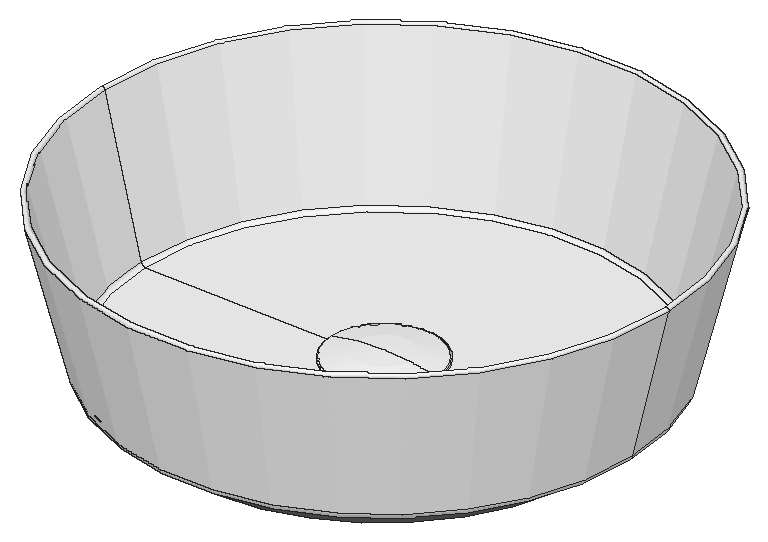
Revit family "Reece_Basin_Alape_Scopio_Above Counter Basin_375 mm", category Plumbing Fixtures, host Face, Revit 2018
Family settings
  Host = Face
  Round Connector Dimension = Use Diameter
  Part Type = Normal
  Cut with Voids When Loaded = No
  Shared = Yes
  Room Calculation Point = Yes
Parameters
  WFU = 0  # constant formula
  URL = "https://www.reece.com.au/product/-9508136"
  Type Comments = "Basin"
  Reece_Product_Web Page = "https://www.reece.com.au/product/-9508136"
  Reece_Product_Type = "Basin"  # constant formula
  Reece_Product_Sub Brand = "Scopio"  # constant formula
  Reece_Product_Number = "9508136"
  Reece_Product_Mount = "Above Counter Basin"
  Reece_Product_Description = "Alape Scopio Counter Basin 375mm White"
  Reece_Product_Brand = "Alape"  # constant formula
  Reece_Overall_Width = 375 mm  # constant formula
  Reece_Overall_Length = 375 mm  # constant formula
  Reece_Overall_Height = 115 mm  # constant formula
  Reece_Overall_Capacity = 8.70 L  # constant formula
  Reece_Material_Secondary = Reece_Plastic_Black
  Reece_Material-Main = Reece_Metal_Steel Enamelled_White
  Reece_Detail_Installation = "Above Counter"  # constant formula
  Reece_Detail_Disclaimer = "THIS FILE IS THE PROPERTY OF THE REECE GROUP. IT MAY NOT BE REPRODUCED, REVERSE-ENGINEERED OR MODIFIED. ANY REPUBLICATION, TRANSMISSION OR DISTRIBUTION FOR THE PURPOSE OF COMMERCIALLY EXPLOITING THE FILES IS PROHIBITED."  # constant formula
  Reece_Detail_Connector = "No Taphole"  # constant formula
  Reece_Detail_Additional = "No Overflow"  # constant formula
  Reece_Basin_Outlet = 32 mm  # constant formula
  Model = "Scopio"
  Manufacturer = "Alape"
  Keynote = "Product #9508136, Reece_Basin_Alape_Scopio_Above Counter Basin_375 mm -  "
  HWFU = 0  # constant formula
  Disclaimer = "THIS FILE IS THE PROPERTY OF THE REECE GROUP. IT MAY NOT BE REPRODUCED, REVERSE-ENGINEERED OR MODIFIED. ANY REPUBLICATION, TRANSMISSION OR DISTRIBUTION FOR THE PURPOSE OF COMMERCIALLY EXPLOITING THE FILES IS PROHIBITED."  # constant formula
  Description = "Alape Scopio Counter Basin 375mm White"
  Default Elevation = 1000 mm
  CWFU = 0  # constant formula
Types (3, lengths in mm): name | URL | Reece_Product_Web Page | Reece_Product_Number | Reece_Product_Description | Reece_Material-Main | Keynote | Description
  (no name) | "https://www.reece.com.au/product/-9508136" | "https://www.reece.com.au/product/-9508136" | "9508136" | "Alape Scopio Counter Basin 375mm White" | Reece_Metal_Steel Enamelled_White | "Product #9508136, Reece_Basin_Alape_Scopio_Above Counter Basin_375 mm -  " | "Alape Scopio Counter Basin 375mm White"
  8.7 L_Enamelled Glazed Steel Matte Black | "https://www.reece.com.au/product/-1806076" | "https://www.reece.com.au/product/-1806076" | "1806076" | "Alape Scopio Counter Basin 375mm Matte Black" | Reece_Metal_Steel Enamelled_Matte Black | "Product #1806076, Reece_Basin_Alape_Scopio_Above Counter Basin_375 mm - 8.7 L_Enamelled Glazed Steel Matte Black" | "Alape Scopio Counter Basin 375mm Matte Black"
  8.7 L_Enamelled Glazed Steel White | "https://www.reece.com.au/product/-9508136" | "https://www.reece.com.au/product/-9508136" | "9508136" | "Alape Scopio Counter Basin 375mm White" | Reece_Metal_Steel Enamelled_White | "Product #9508136, Reece_Basin_Alape_Scopio_Above Counter Basin_375 mm - 8.7 L_Enamelled Glazed Steel White" | "Alape Scopio Counter Basin 375mm White"
Reference planes
  plane 1 "Center (Front/Back)": y = -79.125
  plane 2 "Bottom": z = 0
  plane 3 "Center (Left/Right)": x = 0
  plane 4: z = 115
  plane 5: y = 108.375
  plane 6: y = -266.625
  plane 7: x = -187.5
  plane 8: x = 187.5
  plane 9: z = 15
  plane 10: x = -184.5
  plane 11: x = 184.5
Forms (mm)
  Revolve 1, solid, material "Reece_Plastic_Black" <- "Reece_Material_Secondary"
    sketch origin (0, -79.125, 0) x (1, 0, 0) y (0, 0, 1)
      loop
        line (-137.5, 0) -> (-33, 0) -> (-33, 15) -> (-137.5, 15) -> (-137.5, 0)
      axis (0, 15) -> (0, 0)
    angle from 0 to 360
  Extrusion 2, void
    sketch origin (0, 0, 0) x (1, 0, 0) y (0, 1, 0)
      loop
        circle (0, -79.125) r 22.5
    from -57.378 to 33.548
  Revolve 3, solid, material "Reece_Metal_Steel Enamelled_White" <- "Reece_Material-Main"
    sketch origin (0, -79.125, 25.128) x (1, 0, 0) y (0, 0, 1)
      loop
        line (0, -37.152) -> (0, -0.315)
        arc (0, -0.315) -> (-17.262, -1.109) -> (-34.312, -3.915) r 147.631
        arc (-34.312, -3.915) -> (-34.807, -4.224) -> (-35, -4.775) r 0.881
        line (-35, -4.775) -> (-35, -5.581) -> (-20, -5.581) -> (-20, -37.152) -> (0, -37.152)
      axis (0, -37.152) -> (0, -0.315)
    angle from 0 to 360
  Extrusion 4, void
    sketch origin (0, 0, 0) x (1, 0, 0) y (0, 1, 0)
      loop
        circle (0, -79.125) r 22.5
    from -217 to 28.7
  Revolve 5, solid, material "Reece_Metal_Steel Enamelled_White" <- "Reece_Material-Main"
    sketch origin (0, -79.125, 0) x (1, 0, 0) y (0, 0, 1)
      loop
        line (-33, 18.1) -> (-157.687, 18.1)
        arc (-157.687, 18.1) -> (-159.466, 18.709) -> (-160.5, 20.28) r 2.9
        line (-160.5, 20.28) -> (-184.452, 113.836)
        arc (-184.452, 113.836) -> (-186.336, 114.952) -> (-187.452, 113.068) r 1.548
        line (-187.452, 113.068) -> (-163.5, 19.512)
        arc (-163.5, 19.512) -> (-161.367, 16.26) -> (-157.687, 15) r 6
        line (-157.687, 15) -> (-33, 15) -> (-33, 18.1)
      axis (0, 113.836) -> (0, 15)
    angle from 0 to 360
Text (mm)
  text "Reece Copyright © 2018, Reece Ltd." at (-902.343, -740.328, 0), in view "Ref. Level"
  text "Reece ©" at (44.384, 258.95, 192.345), in view "Reece Preview"
Dimensions and locks
  equal spacing: plane 6, plane 1 "Center (Front/Back)", plane 5
  equal spacing: plane 7, plane 3 "Center (Left/Right)", plane 8
  "Reece_Overall_Length": plane 7 to plane 8
  "Reece_Overall_Width": plane 5 to plane 6
  "Reece_Overall_Height": plane 4 to plane 2 "Bottom"
  plane 9 to plane 4 = 100 mm
  host face to plane 9 = 15 mm
  plane 10 to plane 11 = 369 mm
  plane 4 to plane 9 to plane 2 "Bottom" = 100 mm, 15 mm
  plane 8 to plane 7 = 375 mm
  aligned and locked: host face to plane 2 "Bottom"
  aligned and locked: level to host face
Automatic sketch dimensions
  host sketch curve to host sketch curve = 801.051 mm
  host sketch curve to host sketch curve = 720.033 mm
  Revolve 1 sketch curve to level = 0 mm  (x2)
  Revolve 1 sketch curve to plane 3 "Center (Left/Right)" = 0 mm
  Revolve 1 sketch curve to plane 3 "Center (Left/Right)" = 33 mm
  plane 1 "Center (Front/Back)" to Extrusion 2 sketch curve = 0 mm
  Extrusion 2 sketch curve to plane 3 "Center (Left/Right)" = 0 mm
  Revolve 3 sketch curve to plane 3 "Center (Left/Right)" = 0 mm  (x2)
  Revolve 3 sketch curve to plane 3 "Center (Left/Right)" = 1.858 mm
  Revolve 3 sketch curve to plane 3 "Center (Left/Right)" = 20 mm
  Revolve 3 sketch curve to Revolve 3 sketch curve = 14.119 mm
  Revolve 3 sketch curve to Revolve 3 sketch curve = 0.881 mm
  Revolve 3 sketch curve to level = 12.024 mm
  Revolve 3 sketch curve to Revolve 3 sketch curve = 110.783 mm
  Revolve 3 sketch curve to Revolve 3 sketch curve = 0.806 mm
  Revolve 3 sketch curve to Revolve 3 sketch curve = 2.138 mm
  plane 1 "Center (Front/Back)" to Extrusion 4 sketch curve = 0 mm
  Extrusion 4 sketch curve to plane 3 "Center (Left/Right)" = 0 mm
  Revolve 1 sketch curve to Revolve 1 sketch curve = 104.5 mm
  level to Revolve 1 sketch curve = 15 mm
  level to Revolve 1 sketch curve = 21.397 mm
  level to Revolve 3 sketch curve = 19.547 mm
  Revolve 3 sketch curve to Revolve 3 sketch curve = 5.266 mm
  level to Revolve 3 sketch curve = 7.675 mm
  Revolve 5 sketch curve to plane 9 = 0 mm
  Revolve 5 sketch curve to plane 3 "Center (Left/Right)" = 0 mm
  Revolve 5 sketch curve to level = 0 mm
  Revolve 5 sketch curve to plane 3 "Center (Left/Right)" = 33 mm
  Revolve 5 sketch curve to plane 9 = 6 mm
  Revolve 5 sketch curve to plane 10 = 26.813 mm
  Revolve 5 sketch curve to plane 9 = 4.512 mm
  Revolve 5 sketch curve to plane 10 = 0.048 mm
  plane 10 to Revolve 5 sketch curve = 1.452 mm
  Revolve 5 sketch curve to plane 7 = 0.048 mm
  Revolve 5 sketch curve to plane 4 = 1.932 mm
  Revolve 5 sketch curve to plane 4 = 1.548 mm
  Revolve 5 sketch curve to plane 9 = 6.397 mm
  Revolve 5 sketch curve to Revolve 5 sketch curve = 0 mm  (x2)
  Revolve 5 sketch curve to Revolve 5 sketch curve = 3.003 mm
  Revolve 5 sketch curve to plane 9 = 5.28 mm
  Revolve 5 sketch curve to Revolve 5 sketch curve = 0.003 mm
  Revolve 5 sketch curve to Revolve 5 sketch curve = 3.1 mm
  radius of Extrusion 2 sketch curve = 22.5 mm
  radius of Extrusion 4 sketch curve = 22.5 mm
Connectors
  piping at (0, -79.125, -12.024), diameter 32, driven by "Reece_Basin_Outlet"
    settings: on Revolve 3, index 1, connector inside diameter 609.6 mm, connector length 0 mm, flow factor 0, pipe flow 0.0 L/s, pressure drop 0.0 Pa, fitting loss kfactor 0, connector angle 0.00°, fixture units 0, engagement length 0 mm, angle of deflection 0.00°, flow configuration 0, flow direction 2, fitting loss method 0, system type 16, joint type 0, gender type 0, connector reference index -1, connector utility 0, adjustable connector no, is connector primary yes, connector description ""
